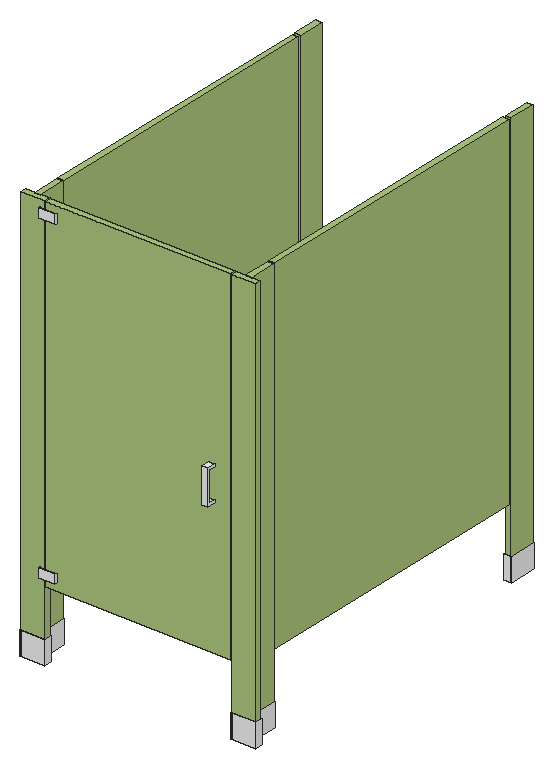
Revit family "Toilet-Partition", category Specialty Equipment, Revit 2026
Family settings
  Round Connector Dimension = Use Diameter
  Part Type = Normal
  Classification Number = 23.25.40.14.14.11
  Work Plane-Based = No
  Enable Cutting in Views = No
  Always vertical = Yes
  Cut with Voids When Loaded = No
  Maintain Annotation Orientation = No
  Shared = No
  Room Calculation Point = No
Parameters (values of type "36x57")
  Width = 3' - 0"
  Warranty Duration (Years) = 5
  Trim and Hardware Material [instance] = ARCAT - Metal - Steel - Chrome Plated
  Test Data = ""
  Specification = "http://www.arcat.com/divs/sec/sec10150.shtml"
  Sales Information = ""
  Right-Wall-On [instance] = yes
  Right Hinge [instance] = not(Left Hinge)  # no
  Product Properties = "http://www.arcat.com/bim/bim_info.pl?fn=Toilet-Partition"
  Product Data = "http://www.arcat.com/divs/sec/sec10150.shtml"
  Panel Material [instance] = ARCAT - Metal - Steel - 18 Ga Sheet_ Green
  Model = "Generic"  # constant formula
  Manufacturer Website = "http://www.arcat.com/"
  Manufacturer Phone - Toll Free = ""
  Manufacturer Phone = "(203) 929-9444"  # constant formula
  Manufacturer Fax = "(203) 939-2444"  # constant formula
  Manufacturer Email = "bim@arcat.com"  # constant formula
  Manufacturer Address = "1077 Bridgeport Ave, Shelton, CT  06484"  # constant formula
  Manufacturer = "Generic"  # constant formula
  Maintenance Schedule (Months) = 12
  Lock = "Quarter Turn Slide Latch - Emergency Access by lifting door"
  Left-Wall-On [instance] = yes
  Left Hinge [instance] = yes
  Keynote = "10150"
  Installation_Fabricaton = ""
  Installation Phase = ""
  Height = 5' - 11"
  Green Building-LEED = "http://www.arcat.com/green/green_building.shtml"
  Fasteners = "Tamper resistant stainless steel screws w/ nylon anchors"
  Expected Lifespan (Years) = 15
  Drawn By = "Robert S. Weygant. CSI, CDT, SCIP"  # constant formula
  Door Opening = Width - 0' 4 1/4"  # 2' - 7 3/4"
  Description = "36x57 Toilet Partition"
  Stall Depth = 5' - 0"
  Default Elevation = 0' - 0"
  Copyright = "2008, ARCAT, Inc."  # constant formula
  Construction Details = "http://www.arcat.com/divs/sec/sec10150.shtml"
  Building Codes = ""
  Assembly Code = "C1010400"
Types (12): name | Width | Door Opening | Description | Stall Depth
  36x57 | 3' - 0" | 2' - 7 3/4" | "36x57 Toilet Partition" | 5' - 0"
  34x57 | 2' - 10" | 2' - 5 3/4" | "34x57 Toilet Partition" | 4' - 9"
  32x57 | 2' - 8" | 2' - 3 3/4" | "32x57 Toilet Partition" | 4' - 9"
  30x57 | 2' - 6" | 2' - 1 3/4" | "30x57 Toilet Partition" | 4' - 9"
  36x54 | 3' - 0" | 2' - 7 3/4" | "36x54 Toilet Partition" | 4' - 6"
  34x54 | 2' - 10" | 2' - 5 3/4" | "34x54 Toilet Partition" | 4' - 6"
  32x54 | 2' - 8" | 2' - 3 3/4" | "32x54 Toilet Partition" | 4' - 6"
  30x54 | 2' - 6" | 2' - 1 3/4" | "30x54 Toilet Partition" | 4' - 6"
  36x48 | 3' - 0" | 2' - 7 3/4" | "36x48 Toilet Partition" | 4' - 0"
  34x48 | 2' - 10" | 2' - 5 3/4" | "34x48 Toilet Partition" | 4' - 0"
  32x48 | 2' - 8" | 2' - 3 3/4" | "32x48 Toilet Partition" | 4' - 0"
  30x48 | 2' - 6" | 2' - 1 3/4" | "30x48 Toilet Partition" | 4' - 0"
Reference planes (in)
  plane 1 "Center (Front/Back)": y = 0
  plane 2: z = 0
  plane 3 "Center (Left/Right)": x = 0
  plane 4: y = 0
  plane 5: x = -36
  plane 6: y = -60
  plane 7: x = 36
  plane 8: z = 71
Forms (in)
  Extrusion 1, solid, not visible
    sketch origin (-23.60937, 0, 0) x (1, 0, 0) y (0, 1, 0)
      loop
        arc (-6.25, 8) -> (-7.48744, 7.48744) -> (-8, 6.25) r 1.75
        line (-8, 6.25) -> (-8, -6.25)
        arc (-8, -6.25) -> (-7.48744, -7.48744) -> (-6.25, -8) r 1.75
        line (-6.25, -8) -> (6.25, -8)
        arc (6.25, -8) -> (7.48744, -7.48744) -> (8, -6.25) r 1.75
        line (8, -6.25) -> (8, 6.25)
        arc (8, 6.25) -> (7.48744, 7.48744) -> (6.25, 8) r 1.75
        line (6.25, 8) -> (-6.25, 8)
      loop
        arc (-6.25, 7.5) -> (-7.13388, 7.13388) -> (-7.5, 6.25) r 1.25
        line (-7.5, 6.25) -> (-7.5, -6.25)
        arc (-7.5, -6.25) -> (-7.13388, -7.13388) -> (-6.25, -7.5) r 1.25
        line (-6.25, -7.5) -> (6.25, -7.5)
        arc (6.25, -7.5) -> (7.13388, -7.13388) -> (7.5, -6.25) r 1.25
        line (7.5, -6.25) -> (7.5, 6.25)
        arc (7.5, 6.25) -> (7.13388, 7.13388) -> (6.25, 7.5) r 1.25
        line (6.25, 7.5) -> (-6.25, 7.5)
    from 0 to 7
  Extrusion 2, solid, not visible
    sketch origin (-23.60937, 0, 7) x (1, 0, 0) y (0, 1, 0)
      loop
        arc (-9.5, 10) -> (-9.85355, 9.85355) -> (-10, 9.5) r 0.5
        line (-10, 9.5) -> (-10, -9.5)
        arc (-10, -9.5) -> (-9.85355, -9.85355) -> (-9.5, -10) r 0.5
        line (-9.5, -10) -> (9.5, -10)
        arc (9.5, -10) -> (9.85355, -9.85355) -> (10, -9.5) r 0.5
        line (10, -9.5) -> (10, 9.5)
        arc (10, 9.5) -> (9.85355, 9.85355) -> (9.5, 10) r 0.5
        line (9.5, 10) -> (-9.5, 10)
      loop
        line (-7.5, 6.25) -> (-7.5, -6.25)
        arc (-7.5, -6.25) -> (-7.13388, -7.13388) -> (-6.25, -7.5) r 1.25
        line (-6.25, -7.5) -> (6.25, -7.5)
        arc (6.25, -7.5) -> (7.13388, -7.13388) -> (7.5, -6.25) r 1.25
        line (7.5, -6.25) -> (7.5, 6.25)
        arc (7.5, 6.25) -> (7.13388, 7.13388) -> (6.25, 7.5) r 1.25
        line (6.25, 7.5) -> (-6.25, 7.5)
        arc (-6.25, 7.5) -> (-7.13388, 7.13388) -> (-7.5, 6.25) r 1.25
    from 0 to 0.25
  Extrusion 3, solid, material "ARCAT - Metal - Steel - 18 Ga Sheet_ Green" <- "Panel Material"
    sketch origin (0, 0, 0) x (1, 0, 0) y (0, 1, 0)
      loop
        line (-2, -60) -> (-2, -61) -> (2, -61) -> (2, -60) -> (-2, -60)
    from 0 to 71
  Extrusion 4, solid, material "ARCAT - Metal - Steel - 18 Ga Sheet_ Green" <- "Panel Material", visible <- "Left-Wall-On"
    sketch origin (0, 0, 12) x (1, 0, 0) y (0, 1, 0)
      loop
        line (0.5, -55) -> (0.5, -5) -> (-0.5, -5) -> (-0.5, -55) -> (0.5, -55)
    from 0 to 59
  Extrusion 5, solid, material "ARCAT - Metal - Steel - 18 Ga Sheet_ Green" <- "Panel Material", visible <- "Left-Wall-On"
    sketch origin (0, 0, 0) x (1, 0, 0) y (0, 1, 0)
      loop
        line (-0.5, -60) -> (0.5, -60) -> (0.5, -55.25) -> (-0.5, -55.25) -> (-0.5, -60)
      loop
        line (-0.5, 0) -> (-0.5, -4.5) -> (0.5, -4.5) -> (0.5, 0) -> (-0.5, 0)
    from 0 to 71
  Extrusion 6, solid, material "ARCAT - Metal - Steel - 18 Ga Sheet_ Green" <- "Panel Material", visible <- "Right-Wall-On"
    sketch origin (34, 0, 12) x (1, 0, 0) y (0, 1, 0)
      loop
        line (2.5, -55) -> (2.5, -5) -> (1.5, -5) -> (1.5, -55) -> (2.5, -55)
    from 0 to 59
  Extrusion 7, solid, material "ARCAT - Metal - Steel - 18 Ga Sheet_ Green" <- "Panel Material", visible <- "Right-Wall-On"
    sketch origin (34, 0, 0) x (1, 0, 0) y (0, 1, 0)
      loop
        line (1.5, -60) -> (2.5, -60) -> (2.5, -55.25) -> (1.5, -55.25) -> (1.5, -60)
      loop
        line (1.5, 0) -> (1.5, -4.5) -> (2.5, -4.5) -> (2.5, 0) -> (1.5, 0)
    from 0 to 71
  Extrusion 8, solid, material "ARCAT - Metal - Steel - 18 Ga Sheet_ Green" <- "Panel Material"
    sketch origin (0, 0, 12) x (1, 0, 0) y (0, 1, 0)
      loop
        line (2.25, -60) -> (2.25, -61) -> (33.75, -61) -> (33.75, -60) -> (2.25, -60)
    from 0 to 59
  Extrusion 9, solid, material "ARCAT - Metal - Steel - Chrome Plated" <- "Trim and Hardware Material", visible <- "Right-Wall-On"
    sketch origin (0, 0, 0) x (1, 0, 0) y (0, 1, 0)
      loop
        line (34, -61) -> (38, -61) -> (38, -60) -> (36.5, -60) -> (36.5, -55.25) -> (35.5, -55.25) -> (35.5, -60) -> (34, -60) -> (34, -61)
      loop
        line (36.625, -55.125) -> (35.375, -55.125) -> (35.375, -59.875) -> (33.875, -59.875) -> (33.875, -61.125) -> (38.125, -61.125) -> (38.125, -59.875) -> (36.625, -59.875) -> (36.625, -55.125)
    from 0 to 4
  Extrusion 10, solid, material "ARCAT - Metal - Steel - Chrome Plated" <- "Trim and Hardware Material", visible <- "Left-Wall-On"
    sketch origin (-34, 0, 0) x (1, 0, 0) y (0, 1, 0)
      loop
        line (32, -61) -> (36, -61) -> (36, -60) -> (34.5, -60) -> (34.5, -55.25) -> (33.5, -55.25) -> (33.5, -60) -> (32, -60) -> (32, -61)
      loop
        line (34.625, -55.125) -> (33.375, -55.125) -> (33.375, -59.875) -> (31.875, -59.875) -> (31.875, -61.125) -> (36.125, -61.125) -> (36.125, -59.875) -> (34.625, -59.875) -> (34.625, -55.125)
    from 0 to 4
  Extrusion 11, solid, material "ARCAT - Metal - Steel - Chrome Plated" <- "Trim and Hardware Material", visible <- "Left-Wall-On"
    sketch origin (0, 0, 0) x (1, 0, 0) y (0, 1, 0)
      loop
        line (-0.5, 0) -> (-0.5, -4.5) -> (0.5, -4.5) -> (0.5, 0) -> (-0.5, 0)
      loop
        line (-0.625, 0.125) -> (-0.625, -4.625) -> (0.625, -4.625) -> (0.625, 0.125) -> (-0.625, 0.125)
    from 0 to 4
  Extrusion 12, solid, material "ARCAT - Metal - Steel - Chrome Plated" <- "Trim and Hardware Material", visible <- "Right-Wall-On"
    sketch origin (34, 0, 0) x (1, 0, 0) y (0, 1, 0)
      loop
        line (1.5, 0) -> (1.5, -4.5) -> (2.5, -4.5) -> (2.5, 0) -> (1.5, 0)
      loop
        line (1.375, 0.125) -> (1.375, -4.625) -> (2.625, -4.625) -> (2.625, 0.125) -> (1.375, 0.125)
    from 0 to 4
  Extrusion 13, solid, material "ARCAT - Metal - Steel - Chrome Plated" <- "Trim and Hardware Material", visible <- "Left Hinge"
    sketch origin (0, -59.5, 0) x (1, 0, 0) y (0, 0, 1)
      loop
        line (1.25, 13.20871) -> (4, 13.20871) -> (4, 14.70871) -> (1.25, 14.70871) -> (1.25, 13.20871)
      loop
        line (1.25, 69.79129) -> (1.25, 68.29129) -> (4, 68.29129) -> (4, 69.79129) -> (1.25, 69.79129)
    from 1.5 to 1.75
  Extrusion 14, solid, material "ARCAT - Metal - Steel - Chrome Plated" <- "Trim and Hardware Material", visible <- "Left Hinge"
    sketch origin (28.25, -1, 5) x (0, 1, 0) y (0, 0, 1)
      loop
        line (-60, 36) -> (-61.5, 36) -> (-61.5, 30) -> (-60, 30) -> (-60, 30.5) -> (-61.125, 30.5) -> (-61.125, 35.5) -> (-60, 35.5) -> (-60, 36)
    from 1.75 to 2.75
  Extrusion 15, solid, material "ARCAT - Metal - Steel - 18 Ga Sheet_ Green" <- "Panel Material", visible <- "Right-Wall-On"
    sketch origin (34, 0, 0) x (1, 0, 0) y (0, 1, 0)
      loop
        line (0, -60) -> (0, -61) -> (4, -61) -> (4, -60) -> (0, -60)
    from 0 to 71
  Extrusion 16, solid, material "ARCAT - Metal - Steel - Chrome Plated" <- "Trim and Hardware Material", visible <- "Right Hinge"
    sketch origin (-6.75, -1, 5) x (0, 1, 0) y (0, 0, 1)
      loop
        line (-60, 36) -> (-61.5, 36) -> (-61.5, 30) -> (-60, 30) -> (-60, 30.5) -> (-61.125, 30.5) -> (-61.125, 35.5) -> (-60, 35.5) -> (-60, 36)
    from 11.75 to 12.75
  Extrusion 17, solid, material "ARCAT - Metal - Steel - Chrome Plated" <- "Trim and Hardware Material", visible <- "Right Hinge"
    sketch origin (40.75, -59.5, 0) x (1, 0, 0) y (0, 0, 1)
      loop
        line (-8.75, 13.20871) -> (-6, 13.20871) -> (-6, 14.70871) -> (-8.75, 14.70871) -> (-8.75, 13.20871)
      loop
        line (-8.75, 69.79129) -> (-8.75, 68.29129) -> (-6, 68.29129) -> (-6, 69.79129) -> (-8.75, 69.79129)
    from 1.5 to 1.75
Lines and regions (in)
  symbolic lines, style "Plan Swing", visible <- "Left Hinge"
    curve 1: line (2.125, -61.125, 0) -> (2.125, -92.875, 0)
    curve 2: arc (2.125, -92.875, 0) -> (24.57564, -83.57564, 0) -> (33.875, -61.125, 0) r 31.75
  symbolic lines, style "Plan Swing", visible <- "Right Hinge"
    curve 3: line (33.875, -61.125, 0) -> (33.875, -92.875, 0)
    curve 4: arc (33.875, -92.875, 0) -> (11.42436, -83.57564, 0) -> (2.125, -61.125, 0) r 31.75
Dimensions and locks (in)
  "Width": plane 3 "Center (Left/Right)" to plane 7
  "Stall Depth": plane 6 to plane 1 "Center (Front/Back)"
  locked: Extrusion 13 to Extrusion 13 at 0.25
  locked: Extrusion 14 to Extrusion 14 at 1
  locked: plane 7 to Extrusion 14 at 5
  "Height": plane 8 to level
  "Door Opening": curve 1 to curve 1
  "Door Opening": Extrusion 10 to Extrusion 9
  "Door Opening": curve 3 to curve 3
  locked: Extrusion 14 to Extrusion 8 at 2.75
  locked: Extrusion 16 to Extrusion 16 at 1
  locked: Extrusion 8 to Extrusion 16 at 2.75
  locked: Extrusion 17 to Extrusion 17 at 0.25
  locked: Extrusion 16 to plane 3 "Center (Left/Right)" at 5
  "Door Opening": radius of curve 2
  "Door Opening": radius of curve 4
  aligned and locked: plane 8 to Extrusion 3
  aligned and locked: plane 8 to Extrusion 5
  aligned and locked: plane 8 to Extrusion 8
  aligned and locked: Extrusion 8 to Extrusion 13  (x2)
  aligned and locked: plane 8 to Extrusion 15
  aligned and locked: plane 8 to Extrusion 7
  aligned and locked: plane 8 to Extrusion 4
  aligned and locked: plane 8 to Extrusion 6
  aligned and locked: curve 1 to Extrusion 10
  aligned and locked: Extrusion 9 to curve 3
  aligned and locked: curve 3 to Extrusion 9
  aligned and locked: Extrusion 10 to curve 1
  aligned and locked: Extrusion 17 to Extrusion 8
Automatic sketch dimensions
  Extrusion 3 sketch curve to plane 6 = 0' - 0"
  Extrusion 3 sketch curve to plane 3 "Center (Left/Right)" = 0' - 2"
  plane 3 "Center (Left/Right)" to Extrusion 3 sketch curve = 0' - 2"
  Extrusion 3 sketch curve to Extrusion 3 sketch curve = 0' - 1"
  Extrusion 4 sketch curve to plane 3 "Center (Left/Right)" = 0' - 0 1/2"
  plane 3 "Center (Left/Right)" to Extrusion 4 sketch curve = 0' - 0 1/2"
  plane 6 to Extrusion 4 sketch curve = 0' - 5"
  plane 1 "Center (Front/Back)" to Extrusion 4 sketch curve = 0' - 5"
  Extrusion 5 sketch curve to plane 6 = 0' - 0"
  Extrusion 5 sketch curve to plane 1 "Center (Front/Back)" = 0' - 0"
  Extrusion 5 sketch curve to plane 3 "Center (Left/Right)" = 0' - 0 1/2"  (x2)
  plane 3 "Center (Left/Right)" to Extrusion 5 sketch curve = 0' - 0 1/2"  (x2)
  plane 6 to Extrusion 5 sketch curve = 0' - 4 3/4"
  Extrusion 5 sketch curve to Extrusion 5 sketch curve = 0' - 4 1/2"
  Extrusion 6 sketch curve to plane 7 = 0' - 0 1/2"
  plane 7 to Extrusion 6 sketch curve = 0' - 0 1/2"
  plane 6 to Extrusion 6 sketch curve = 0' - 5"
  plane 1 "Center (Front/Back)" to Extrusion 6 sketch curve = 0' - 5"
  Extrusion 7 sketch curve to plane 6 = 0' - 0"
  Extrusion 7 sketch curve to plane 1 "Center (Front/Back)" = 0' - 0"
  Extrusion 7 sketch curve to plane 7 = 0' - 0 1/2"  (x2)
  plane 7 to Extrusion 7 sketch curve = 0' - 0 1/2"  (x2)
  Extrusion 7 sketch curve to Extrusion 7 sketch curve = 0' - 4 3/4"
  plane 1 "Center (Front/Back)" to Extrusion 7 sketch curve = 0' - 4 1/2"
  Extrusion 8 sketch curve to plane 6 = 0' - 0"
  Extrusion 8 sketch curve to plane 6 = 0' - 1"
  plane 3 "Center (Left/Right)" to Extrusion 8 sketch curve = 0' - 2 1/4"
  Extrusion 8 sketch curve to plane 7 = 0' - 2 1/4"
  Extrusion 9 sketch curve to plane 6 = 0' - 0"  (x2)
  plane 6 to Extrusion 9 sketch curve = 0' - 0 1/8"  (x2)
  Extrusion 9 sketch curve to plane 7 = 0' - 2 1/8"
  Extrusion 9 sketch curve to Extrusion 9 sketch curve = 0' - 0 1/8"  (x6)
  Extrusion 9 sketch curve to plane 7 = 0' - 0 5/8"
  plane 7 to Extrusion 9 sketch curve = 0' - 0 1/2"
  Extrusion 9 sketch curve to Extrusion 9 sketch curve = 0' - 1 3/8"
  Extrusion 9 sketch curve to plane 6 = 0' - 1"
  Extrusion 9 sketch curve to Extrusion 9 sketch curve = 0' - 4 5/8"
  Extrusion 10 sketch curve to plane 6 = 0' - 0"  (x2)
  plane 6 to Extrusion 10 sketch curve = 0' - 0 1/8"  (x2)
  Extrusion 10 sketch curve to plane 3 "Center (Left/Right)" = 0' - 2 1/8"
  Extrusion 10 sketch curve to Extrusion 10 sketch curve = 0' - 0 1/8"  (x6)
  Extrusion 10 sketch curve to plane 3 "Center (Left/Right)" = 0' - 0 5/8"
  plane 3 "Center (Left/Right)" to Extrusion 10 sketch curve = 0' - 0 1/2"
  Extrusion 10 sketch curve to Extrusion 10 sketch curve = 0' - 1 3/8"
  Extrusion 10 sketch curve to plane 6 = 0' - 1"
  Extrusion 10 sketch curve to Extrusion 10 sketch curve = 0' - 4 5/8"
  Extrusion 11 sketch curve to plane 1 "Center (Front/Back)" = 0' - 0"
  Extrusion 11 sketch curve to plane 1 "Center (Front/Back)" = 0' - 0 1/8"
  Extrusion 11 sketch curve to plane 3 "Center (Left/Right)" = 0' - 0 5/8"
  Extrusion 11 sketch curve to Extrusion 11 sketch curve = 0' - 0 1/8"  (x3)
  plane 3 "Center (Left/Right)" to Extrusion 11 sketch curve = 0' - 0 1/2"
  plane 1 "Center (Front/Back)" to Extrusion 11 sketch curve = 0' - 4 1/2"
  Extrusion 12 sketch curve to plane 1 "Center (Front/Back)" = 0' - 0"
  Extrusion 12 sketch curve to plane 1 "Center (Front/Back)" = 0' - 0 1/8"
  Extrusion 12 sketch curve to plane 7 = 0' - 0 5/8"
  Extrusion 12 sketch curve to Extrusion 12 sketch curve = 0' - 0 1/8"  (x3)
  plane 7 to Extrusion 12 sketch curve = 0' - 0 1/2"
  plane 1 "Center (Front/Back)" to Extrusion 12 sketch curve = 0' - 4 1/2"
  plane 3 "Center (Left/Right)" to Extrusion 13 sketch curve = 0' - 1 1/4"  (x2)
  Extrusion 13 sketch curve to Extrusion 13 sketch curve = 0' - 2 3/4"  (x2)
  Extrusion 13 sketch curve to plane 8 = 0' - 1.20871"
  Extrusion 13 sketch curve to Extrusion 13 sketch curve = 0' - 1 1/2"  (x2)
  level to Extrusion 13 sketch curve = 1' - 2.70871"
  Extrusion 14 sketch curve to plane 6 = 0' - 2 1/2"
  Extrusion 14 sketch curve to Extrusion 14 sketch curve = 0' - 0 3/8"
  Extrusion 14 sketch curve to plane 6 = 0' - 1"  (x2)
  level to Extrusion 14 sketch curve = 2' - 11"
  Extrusion 14 sketch curve to Extrusion 14 sketch curve = 0' - 0 1/2"  (x2)
  Extrusion 14 sketch curve to Extrusion 14 sketch curve = 0' - 5"
  Extrusion 15 sketch curve to plane 6 = 0' - 0"
  Extrusion 15 sketch curve to plane 6 = 0' - 1"
  Extrusion 15 sketch curve to plane 7 = 0' - 2"
  plane 7 to Extrusion 15 sketch curve = 0' - 2"
  Extrusion 16 sketch curve to plane 6 = 0' - 2 1/2"
  Extrusion 16 sketch curve to Extrusion 16 sketch curve = 0' - 0 3/8"
  Extrusion 16 sketch curve to plane 6 = 0' - 1"  (x2)
  level to Extrusion 16 sketch curve = 2' - 11"
  Extrusion 16 sketch curve to Extrusion 16 sketch curve = 0' - 0 1/2"  (x2)
  Extrusion 16 sketch curve to Extrusion 16 sketch curve = 0' - 5"
  Extrusion 17 sketch curve to plane 7 = 0' - 4"  (x2)
  Extrusion 17 sketch curve to plane 7 = 0' - 1 1/4"  (x2)
  level to Extrusion 17 sketch curve = 1' - 1.20871"
  Extrusion 17 sketch curve to Extrusion 17 sketch curve = 0' - 1 1/2"
  Extrusion 17 sketch curve to plane 8 = 0' - 2.70871"
  Extrusion 17 sketch curve to plane 8 = 0' - 1.20871"
